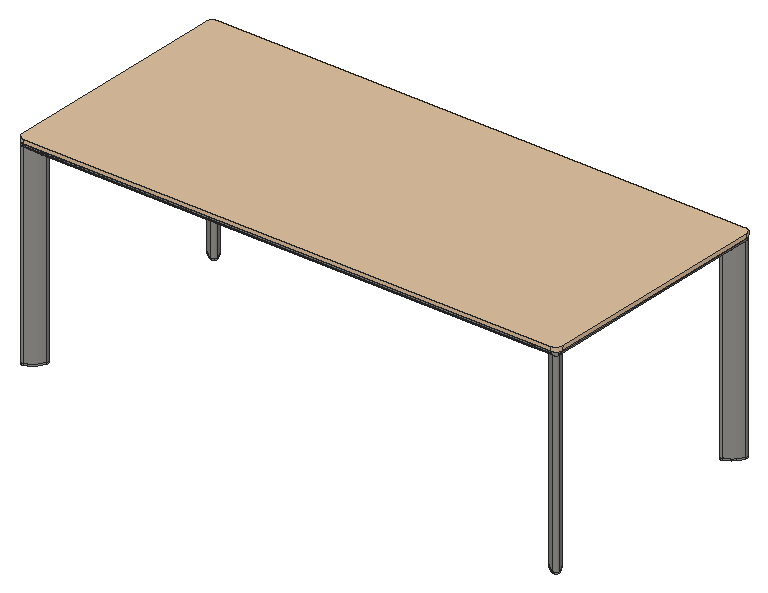
Revit family "FU_Table_Sandler_Laminar 0920", category Furniture, Revit 2020
Family settings
  OmniClass Number = 23.40.20.00
  OmniClass Title = General Furniture and Specialties
  Work Plane-Based = No
  Always vertical = Yes
  Cut with Voids When Loaded = No
  Shared = No
  Room Calculation Point = No
Parameters (values of type "Laminar 0920 (Dining Height)")
  Width = 2000 mm
  URL = "https://www.sandlerseating.com/product/laminar-0920/"
  Top [instance] = Wood - Oak - Natural - V
  Model = "Laminar 0920"
  Manufacturer = "Sandler"
  Height = 750 mm
  Frame [instance] = Epoxy - M2 - Rust Grey
  Description = "200cm x 90cm / 79″ x 36″ table on epoxy painted frame."
  Depth = 900 mm
  Default Elevation = 0 mm
Types (4, lengths in mm): name | Top | Height | Frame
  (no name) | Wood - Oak - Natural - V | 750 | Epoxy - M2 - Rust Grey
  Laminar 0920 (Dining Height) | Wood - Oak - Natural - V | 750 | Epoxy - M2 - Rust Grey
  Laminar 0920 (Counter Height) | Wood - Black Walnut | 900 | Epoxy - M2_V16
  Laminar 0920 (Bar Height) | HPL - Solid - White | 1050 | Epoxy - M1_B00 - Black
Reference planes
  plane 1 "Center (Front/Back)": y = 0
  plane 2: z = 0
  plane 3 "Center (Left/Right)": x = 0
  plane 4 "Right": x = -1000
  plane 5 "Left": x = 1000
  plane 6 "Back": y = 450
  plane 7 "Front": y = -450
  plane 8 "Height": z = 750
  plane 9 "Top Frame Base": z = 737
  plane 10 "Frame Edge Right TOP": x = -905
  plane 11 "Frame Edge Left TOP": x = 905
  plane 12 "Frame Edge Front TOP": y = -355
  plane 13 "Frame Edge Back TOP": y = 355
  plane 14 "Right Leg C TOP": x = -962.984
  plane 15 "Back Leg C TOP": y = 412.984
  plane 16 "Front Leg C TOP": y = -412.984
  plane 17 "Left C TOP": x = 962.984
  plane 18 "Glide Height": z = 6
  plane 19 "Frame Base FRONT": z = 696.108
Forms (mm)
  Extrusion 1, solid, material "Wood - Oak - Natural - V" <- "Top"
    sketch origin (0, 0, 750) x (-1, 0, 0) y (0, -1, 0)
      loop
        arc (975, -450) -> (992.678, -442.678) -> (1000, -425) r 25
        line (1000, -425) -> (1000, 425)
        arc (1000, 425) -> (992.678, 442.678) -> (975, 450) r 25
        line (975, 450) -> (-975, 450)
        arc (-975, 450) -> (-992.678, 442.678) -> (-1000, 425) r 25
        line (-1000, 425) -> (-1000, -425)
        arc (-1000, -425) -> (-992.678, -442.678) -> (-975, -450) r 25
        line (-975, -450) -> (975, -450)
    from 0 to -13
  Sweep 2, solid, material "Epoxy - M2 - Rust Grey" <- "Frame"
    path origin (0, 0, 737) x (-1, 0, 0) y (0, -1, 0)
      loop
        line (-905, 450) -> (905, 450)
    profile "Pro_Laminar_Frame : Pro_Laminar_Frame" origin (0, -450, 737) x (0, -1, 0) y (0, 0, 1)
      loop
        arc (-78.25, 0) -> (-78.959, -0.294) -> (-79.252, -1.003) r 1.003
        line (-79.252, -1.003) -> (-79.252, -40.038)
        arc (-79.252, -40.038) -> (-78.971, -40.718) -> (-78.29, -41) r 0.962
        line (-78.29, -41) -> (-56.47, -41)
        arc (-56.47, -41) -> (-49.536, -40.019) -> (-43.146, -37.154) r 25
        line (-43.146, -37.154) -> (-3.835, -12.393)
        arc (-3.835, -12.393) -> (-2.123, -10.579) -> (-1.5, -8.162) r 5
        line (-1.5, -8.162) -> (-1.5, -0.534)
        arc (-1.5, -0.534) -> (-1.656, -0.156) -> (-2.034, 0) r 0.534
        line (-2.034, 0) -> (-78.25, 0)
  Sweep 3, solid, material "Epoxy - M2 - Rust Grey" <- "Frame"
    path origin (0, 0, 737) x (-1, 0, 0) y (0, -1, 0)
      loop
        line (1000, 355) -> (1000, -355)
    profile "Pro_Laminar_Frame : Pro_Laminar_Frame" origin (-1000, 0, 737) x (-1, 0, 0) y (0, 0, 1)
      loop
        arc (-78.25, 0) -> (-78.959, -0.294) -> (-79.252, -1.003) r 1.003
        line (-79.252, -1.003) -> (-79.252, -40.038)
        arc (-79.252, -40.038) -> (-78.971, -40.718) -> (-78.29, -41) r 0.962
        line (-78.29, -41) -> (-56.47, -41)
        arc (-56.47, -41) -> (-49.536, -40.019) -> (-43.146, -37.154) r 25
        line (-43.146, -37.154) -> (-3.835, -12.393)
        arc (-3.835, -12.393) -> (-2.123, -10.579) -> (-1.5, -8.162) r 5
        line (-1.5, -8.162) -> (-1.5, -0.534)
        arc (-1.5, -0.534) -> (-1.656, -0.156) -> (-2.034, 0) r 0.534
        line (-2.034, 0) -> (-78.25, 0)
  Sweep 4, solid, material "Epoxy - M2 - Rust Grey" <- "Frame"
    path origin (0, 0, 737) x (-1, 0, 0) y (0, -1, 0)
      loop
        line (905, -450) -> (-905, -450)
    profile "Pro_Laminar_Frame : Pro_Laminar_Frame" origin (0, 450, 737) x (0, 1, 0) y (0, 0, 1)
      loop
        arc (-78.25, 0) -> (-78.959, -0.294) -> (-79.252, -1.003) r 1.003
        line (-79.252, -1.003) -> (-79.252, -40.038)
        arc (-79.252, -40.038) -> (-78.971, -40.718) -> (-78.29, -41) r 0.962
        line (-78.29, -41) -> (-56.47, -41)
        arc (-56.47, -41) -> (-49.536, -40.019) -> (-43.146, -37.154) r 25
        line (-43.146, -37.154) -> (-3.835, -12.393)
        arc (-3.835, -12.393) -> (-2.123, -10.579) -> (-1.5, -8.162) r 5
        line (-1.5, -8.162) -> (-1.5, -0.534)
        arc (-1.5, -0.534) -> (-1.656, -0.156) -> (-2.034, 0) r 0.534
        line (-2.034, 0) -> (-78.25, 0)
  Sweep 5, solid, material "Epoxy - M2 - Rust Grey" <- "Frame"
    path origin (0, 0, 737) x (-1, 0, 0) y (0, -1, 0)
      loop
        line (-1000, 355) -> (-1000, -355)
    profile "Pro_Laminar_Frame : Pro_Laminar_Frame" origin (1000, 0, 737) x (-1, 0, 0) y (0, 0, 1)
      loop
        line (78.25, 0) -> (2.034, 0)
        arc (2.034, 0) -> (1.656, -0.156) -> (1.5, -0.534) r 0.534
        line (1.5, -0.534) -> (1.5, -8.162)
        arc (1.5, -8.162) -> (2.123, -10.579) -> (3.835, -12.393) r 5
        line (3.835, -12.393) -> (43.146, -37.154)
        arc (43.146, -37.154) -> (49.536, -40.019) -> (56.47, -41) r 25
        line (56.47, -41) -> (78.29, -41)
        arc (78.29, -41) -> (78.971, -40.718) -> (79.252, -40.038) r 0.962
        line (79.252, -40.038) -> (79.252, -1.003)
        arc (79.252, -1.003) -> (78.959, -0.294) -> (78.25, 0) r 1.003
  Sweep 6, solid, material "Epoxy - M2 - Rust Grey" <- "Frame"
    path origin (0, 412.984, 0) x (1, 0, 0) y (0, 0, 1)
      loop
        line (-962.984, 6) -> (-962.984, 737)
    profile "Pro_Laminar_Leg : Pro_Laminar_Leg" origin (-962.984, 412.984, 371.5) x (-1, 0, 0) y (0, -1, 0)
      loop
        arc (-16.792, 30.86) -> (-28.302, 28.302) -> (-30.86, 16.792) r 10.982
        arc (-30.86, 16.792) -> (-12.33, -12.33) -> (16.792, -30.86) r 79.547
        arc (16.792, -30.86) -> (28.302, -28.302) -> (30.86, -16.792) r 10.982
        arc (30.86, -16.792) -> (12.33, 12.33) -> (-16.792, 30.86) r 79.547
  Sweep 7, solid, material "Epoxy - M2 - Rust Grey" <- "Frame"
    path origin (0, -412.984, 0) x (1, 0, 0) y (0, 0, 1)
      loop
        line (-962.984, 6) -> (-962.984, 737)
    profile "Pro_Laminar_Leg : Pro_Laminar_Leg" origin (-962.984, -412.984, 371.5) x (-1, 0, 0) y (0, -1, 0)
      loop
        arc (-30.86, -16.792) -> (-28.302, -28.302) -> (-16.792, -30.86) r 10.982
        arc (-16.792, -30.86) -> (12.33, -12.33) -> (30.86, 16.792) r 79.547
        arc (30.86, 16.792) -> (28.302, 28.302) -> (16.792, 30.86) r 10.982
        arc (16.792, 30.86) -> (-12.33, 12.33) -> (-30.86, -16.792) r 79.547
  Sweep 8, solid, material "Epoxy - M2 - Rust Grey" <- "Frame"
    path origin (0, -412.984, 0) x (1, 0, 0) y (0, 0, 1)
      loop
        line (962.984, 6) -> (962.984, 737)
    profile "Pro_Laminar_Leg : Pro_Laminar_Leg" origin (962.984, -412.984, 371.5) x (-1, 0, 0) y (0, -1, 0)
      loop
        arc (-16.792, 30.86) -> (-28.302, 28.302) -> (-30.86, 16.792) r 10.982
        arc (-30.86, 16.792) -> (-12.33, -12.33) -> (16.792, -30.86) r 79.547
        arc (16.792, -30.86) -> (28.302, -28.302) -> (30.86, -16.792) r 10.982
        arc (30.86, -16.792) -> (12.33, 12.33) -> (-16.792, 30.86) r 79.547
  Sweep 9, solid, material "Epoxy - M2 - Rust Grey" <- "Frame"
    path origin (0, 412.984, 0) x (1, 0, 0) y (0, 0, 1)
      loop
        line (962.984, 6) -> (962.984, 737)
    profile "Pro_Laminar_Leg : Pro_Laminar_Leg" origin (962.984, 412.984, 371.5) x (-1, 0, 0) y (0, -1, 0)
      loop
        arc (-30.86, -16.792) -> (-28.302, -28.302) -> (-16.792, -30.86) r 10.982
        arc (-16.792, -30.86) -> (12.33, -12.33) -> (30.86, 16.792) r 79.547
        arc (30.86, 16.792) -> (28.302, 28.302) -> (16.792, 30.86) r 10.982
        arc (16.792, 30.86) -> (-12.33, 12.33) -> (-30.86, -16.792) r 79.547
  Sweep 10, solid, material "Rubber, Black"
    path origin (0, 412.984, 0) x (1, 0, 0) y (0, 0, 1)
      loop
        line (962.984, 0) -> (962.984, 6)
    profile "Pro_Laminar_Leg : Pro_Laminar_Leg" origin (962.984, 412.984, 3) x (-1, 0, 0) y (0, -1, 0)
      loop
        arc (-30.86, -16.792) -> (-28.302, -28.302) -> (-16.792, -30.86) r 10.982
        arc (-16.792, -30.86) -> (12.33, -12.33) -> (30.86, 16.792) r 79.547
        arc (30.86, 16.792) -> (28.302, 28.302) -> (16.792, 30.86) r 10.982
        arc (16.792, 30.86) -> (-12.33, 12.33) -> (-30.86, -16.792) r 79.547
  Sweep 11, solid, material "Rubber, Black"
    path origin (0, 412.984, 0) x (1, 0, 0) y (0, 0, 1)
      loop
        line (-962.984, 0) -> (-962.984, 6)
    profile "Pro_Laminar_Leg : Pro_Laminar_Leg" origin (-962.984, 412.984, 3) x (-1, 0, 0) y (0, -1, 0)
      loop
        arc (-16.792, 30.86) -> (-28.302, 28.302) -> (-30.86, 16.792) r 10.982
        arc (-30.86, 16.792) -> (-12.33, -12.33) -> (16.792, -30.86) r 79.547
        arc (16.792, -30.86) -> (28.302, -28.302) -> (30.86, -16.792) r 10.982
        arc (30.86, -16.792) -> (12.33, 12.33) -> (-16.792, 30.86) r 79.547
  Sweep 12, solid, material "Rubber, Black"
    path origin (0, -412.984, 0) x (1, 0, 0) y (0, 0, 1)
      loop
        line (-962.984, 0) -> (-962.984, 6)
    profile "Pro_Laminar_Leg : Pro_Laminar_Leg" origin (-962.984, -412.984, 3) x (-1, 0, 0) y (0, -1, 0)
      loop
        arc (-30.86, -16.792) -> (-28.302, -28.302) -> (-16.792, -30.86) r 10.982
        arc (-16.792, -30.86) -> (12.33, -12.33) -> (30.86, 16.792) r 79.547
        arc (30.86, 16.792) -> (28.302, 28.302) -> (16.792, 30.86) r 10.982
        arc (16.792, 30.86) -> (-12.33, 12.33) -> (-30.86, -16.792) r 79.547
  Sweep 13, solid, material "Rubber, Black"
    path origin (0, -412.984, 0) x (1, 0, 0) y (0, 0, 1)
      loop
        line (962.984, 0) -> (962.984, 6)
    profile "Pro_Laminar_Leg : Pro_Laminar_Leg" origin (962.984, -412.984, 3) x (-1, 0, 0) y (0, -1, 0)
      loop
        arc (-16.792, 30.86) -> (-28.302, 28.302) -> (-30.86, 16.792) r 10.982
        arc (-30.86, 16.792) -> (-12.33, -12.33) -> (16.792, -30.86) r 79.547
        arc (16.792, -30.86) -> (28.302, -28.302) -> (30.86, -16.792) r 10.982
        arc (30.86, -16.792) -> (12.33, 12.33) -> (-16.792, 30.86) r 79.547
  Sweep 14, solid, material "Epoxy - M2 - Rust Grey" <- "Frame"
    path origin (0, 0, 737) x (-1, 0, 0) y (0, -1, 0)
      loop
        line (-905, 448.5) -> (-998.5, 448.5) -> (-998.5, 355)
    profile "Pro_Laminar_Frame : Pro_Laminar_Frame" origin (951.75, -448.5, 737) x (0, 1, 0) y (0, 0, 1)
      loop
        line (76.75, 0) -> (0.534, 0)
        arc (0.534, 0) -> (0.156, -0.156) -> (0, -0.534) r 0.534
        line (0, -0.534) -> (0, -8.162)
        arc (0, -8.162) -> (0.623, -10.579) -> (2.335, -12.393) r 5
        line (2.335, -12.393) -> (41.646, -37.154)
        arc (41.646, -37.154) -> (48.036, -40.019) -> (54.97, -41) r 25
        line (54.97, -41) -> (76.79, -41)
        arc (76.79, -41) -> (77.471, -40.718) -> (77.752, -40.038) r 0.962
        line (77.752, -40.038) -> (77.752, -1.003)
        arc (77.752, -1.003) -> (77.459, -0.294) -> (76.75, 0) r 1.003
  Extrusion 15, void
    sketch origin (0, 0, 737) x (-1, 0, 0) y (0, -1, 0)
      loop
        line (-974.12, 449.12) -> (-974.12, 464.12) -> (-1014.12, 464.12) -> (-1014.12, 424.12) -> (-999.12, 424.12)
        arc (-999.12, 424.12) -> (-991.798, 441.798) -> (-974.12, 449.12) r 25
    from -40.892 to 13
  Sweep 16, solid, material "Epoxy - M2 - Rust Grey" <- "Frame"
    path origin (0, 0, 737) x (1, 0, 0) y (0, -1, 0)
      loop
        line (-905, 448.5) -> (-998.5, 448.5) -> (-998.5, 355)
    profile "Pro_Laminar_Frame : Pro_Laminar_Frame" origin (-951.75, -448.5, 737) x (0, -1, 0) y (0, 0, 1)
      loop
        arc (-76.75, 0) -> (-77.459, -0.294) -> (-77.752, -1.003) r 1.003
        line (-77.752, -1.003) -> (-77.752, -40.038)
        arc (-77.752, -40.038) -> (-77.471, -40.718) -> (-76.79, -41) r 0.962
        line (-76.79, -41) -> (-54.97, -41)
        arc (-54.97, -41) -> (-48.036, -40.019) -> (-41.646, -37.154) r 25
        line (-41.646, -37.154) -> (-2.335, -12.393)
        arc (-2.335, -12.393) -> (-0.623, -10.579) -> (0, -8.162) r 5
        line (0, -8.162) -> (0, -0.534)
        arc (0, -0.534) -> (-0.156, -0.156) -> (-0.534, 0) r 0.534
        line (-0.534, 0) -> (-76.75, 0)
  Sweep 17, solid, material "Epoxy - M2 - Rust Grey" <- "Frame"
    path origin (0, 0, 737) x (1, 0, 0) y (0, 1, 0)
      loop
        line (-905, 448.5) -> (-998.5, 448.5) -> (-998.5, 355)
    profile "Pro_Laminar_Frame : Pro_Laminar_Frame" origin (-951.75, 448.5, 737) x (0, -1, 0) y (0, 0, 1)
      loop
        line (76.75, 0) -> (0.534, 0)
        arc (0.534, 0) -> (0.156, -0.156) -> (0, -0.534) r 0.534
        line (0, -0.534) -> (0, -8.162)
        arc (0, -8.162) -> (0.623, -10.579) -> (2.335, -12.393) r 5
        line (2.335, -12.393) -> (41.646, -37.154)
        arc (41.646, -37.154) -> (48.036, -40.019) -> (54.97, -41) r 25
        line (54.97, -41) -> (76.79, -41)
        arc (76.79, -41) -> (77.471, -40.718) -> (77.752, -40.038) r 0.962
        line (77.752, -40.038) -> (77.752, -1.003)
        arc (77.752, -1.003) -> (77.459, -0.294) -> (76.75, 0) r 1.003
  Sweep 18, solid, material "Epoxy - M2 - Rust Grey" <- "Frame"
    path origin (0, 0, 737) x (-1, 0, 0) y (0, 1, 0)
      loop
        line (-905, 448.5) -> (-998.5, 448.5) -> (-998.5, 355)
    profile "Pro_Laminar_Frame : Pro_Laminar_Frame" origin (951.75, 448.5, 737) x (0, 1, 0) y (0, 0, 1)
      loop
        arc (-76.75, 0) -> (-77.459, -0.294) -> (-77.752, -1.003) r 1.003
        line (-77.752, -1.003) -> (-77.752, -40.038)
        arc (-77.752, -40.038) -> (-77.471, -40.718) -> (-76.79, -41) r 0.962
        line (-76.79, -41) -> (-54.97, -41)
        arc (-54.97, -41) -> (-48.036, -40.019) -> (-41.646, -37.154) r 25
        line (-41.646, -37.154) -> (-2.335, -12.393)
        arc (-2.335, -12.393) -> (-0.623, -10.579) -> (0, -8.162) r 5
        line (0, -8.162) -> (0, -0.534)
        arc (0, -0.534) -> (-0.156, -0.156) -> (-0.534, 0) r 0.534
        line (-0.534, 0) -> (-76.75, 0)
  Extrusion 19, void
    sketch origin (0, 0, 737) x (1, 0, 0) y (0, 1, 0)
      loop
        arc (-974.12, -449.12) -> (-991.798, -441.798) -> (-999.12, -424.12) r 25
        line (-999.12, -424.12) -> (-1014.12, -424.12) -> (-1014.12, -464.12) -> (-974.12, -464.12) -> (-974.12, -449.12)
    from -40.892 to 13
  Extrusion 20, void
    sketch origin (0, 0, 737) x (1, 0, 0) y (0, 1, 0)
      loop
        line (-974.12, 449.12) -> (-974.12, 464.12) -> (-1014.12, 464.12) -> (-1014.12, 424.12) -> (-999.12, 424.12)
        arc (-999.12, 424.12) -> (-991.798, 441.798) -> (-974.12, 449.12) r 25
    from -40.892 to 13
  Extrusion 21, void
    sketch origin (0, 0, 737) x (-1, 0, 0) y (0, -1, 0)
      loop
        arc (-974.12, -449.12) -> (-991.798, -441.798) -> (-999.12, -424.12) r 25
        line (-999.12, -424.12) -> (-1014.12, -424.12) -> (-1014.12, -464.12) -> (-974.12, -464.12) -> (-974.12, -449.12)
    from -40.892 to 13
Cuts and joins
  Extrusion 20 cuts Sweep 17
  Extrusion 21 cuts Sweep 18
  Extrusion 15 cuts Sweep 14
  Extrusion 19 cuts Sweep 16
Dimensions and locks
  equal spacing: plane 4 "Right", plane 3 "Center (Left/Right)", plane 5 "Left"
  "Width": plane 4 "Right" to plane 5 "Left"
  equal spacing: plane 6 "Back", plane 1 "Center (Front/Back)", plane 7 "Front"
  "Depth": plane 6 "Back" to plane 7 "Front"
  "Height": plane 8 "Height" to level
  locked: plane 8 "Height" to plane 9 "Top Frame Base" at 13
  plane 4 "Right" to plane 14 "Right Leg C TOP" to plane 10 "Frame Edge Right TOP" = 37.016 mm locked, 57.984 mm locked
  plane 12 "Frame Edge Front TOP" to plane 16 "Front Leg C TOP" to plane 7 "Front" = 57.984 mm locked, 37.016 mm locked
  plane 6 "Back" to plane 15 "Back Leg C TOP" to plane 13 "Frame Edge Back TOP" = 37.016 mm locked, 57.984 mm locked
  plane 11 "Frame Edge Left TOP" to plane 17 "Left C TOP" to plane 5 "Left" = 57.984 mm locked, 37.016 mm locked
  locked: plane 18 "Glide Height" to plane 2 at 6
  aligned and locked: level to plane 2
  aligned and locked: plane 10 "Frame Edge Right TOP" to Sweep 2 sketch curve
  aligned and locked: plane 11 "Frame Edge Left TOP" to Sweep 2 sketch curve
  aligned and locked: plane 13 "Frame Edge Back TOP" to Sweep 3 sketch curve
  aligned and locked: plane 4 "Right" to Sweep 3 sketch curve
  aligned and locked: plane 10 "Frame Edge Right TOP" to Sweep 4 sketch curve
  aligned and locked: plane 11 "Frame Edge Left TOP" to Sweep 4 sketch curve
  aligned and locked: plane 13 "Frame Edge Back TOP" to Sweep 5 sketch curve
  aligned and locked: plane 12 "Frame Edge Front TOP" to Sweep 5 sketch curve
  aligned and locked: Extrusion 1 sketch curve to plane 4 "Right"
  aligned and locked: Extrusion 1 sketch curve to plane 6 "Back"
  aligned and locked: plane 7 "Front" to Extrusion 1 sketch curve
  aligned and locked: plane 5 "Left" to Extrusion 1 sketch curve
  aligned and locked: plane 9 "Top Frame Base" to Sweep 6 sketch curve
  aligned and locked: plane 18 "Glide Height" to Sweep 6 sketch curve
  aligned and locked: plane 9 "Top Frame Base" to Sweep 7 sketch curve
  aligned and locked: plane 18 "Glide Height" to Sweep 7 sketch curve
  aligned and locked: plane 9 "Top Frame Base" to Sweep 8 sketch curve
  aligned and locked: plane 18 "Glide Height" to Sweep 8 sketch curve
  aligned and locked: plane 9 "Top Frame Base" to Sweep 9 sketch curve
  aligned and locked: plane 18 "Glide Height" to Sweep 9 sketch curve
  aligned and locked: plane 18 "Glide Height" to Sweep 10 sketch curve
  aligned and locked: plane 2 to Sweep 10 sketch curve
  aligned and locked: plane 18 "Glide Height" to Sweep 11 sketch curve
  aligned and locked: plane 2 to Sweep 11 sketch curve
  aligned and locked: plane 2 to Sweep 12 sketch curve
  aligned and locked: plane 18 "Glide Height" to Sweep 12 sketch curve
  aligned and locked: plane 2 to Sweep 13 sketch curve
  aligned and locked: plane 18 "Glide Height" to Sweep 13 sketch curve
  aligned and locked: Extrusion 15 to plane 19 "Frame Base FRONT"
  aligned and locked: plane 8 "Height" to Extrusion 15
  aligned and locked: Sweep 18 to plane 11 "Frame Edge Left TOP"
  aligned and locked: Sweep 18 to plane 13 "Frame Edge Back TOP"
  aligned and locked: Sweep 14 to plane 12 "Frame Edge Front TOP"
  aligned and locked: Sweep 14 to plane 11 "Frame Edge Left TOP"
  aligned and locked: Sweep 16 to plane 10 "Frame Edge Right TOP"
  aligned and locked: Sweep 16 to plane 12 "Frame Edge Front TOP"
  aligned and locked: Sweep 17 to plane 13 "Frame Edge Back TOP"
  aligned and locked: Sweep 17 to plane 10 "Frame Edge Right TOP"
Automatic sketch dimensions
  Extrusion 1 sketch curve to plane 15 "Back Leg C TOP" = 12.016 mm
  Extrusion 1 sketch curve to plane 17 "Left C TOP" = 12.016 mm
  plane 14 "Right Leg C TOP" to Extrusion 1 sketch curve = 12.016 mm  (x2)
  Sweep 2 sketch curve to plane 7 "Front" = 0 mm
  plane 12 "Frame Edge Front TOP" to Sweep 3 sketch curve = 0 mm
  Sweep 4 sketch curve to plane 6 "Back" = 0 mm
  Sweep 5 sketch curve to plane 5 "Left" = 0 mm
  plane 14 "Right Leg C TOP" to Sweep 6 sketch curve = 0 mm
  plane 14 "Right Leg C TOP" to Sweep 7 sketch curve = 0 mm
  plane 17 "Left C TOP" to Sweep 8 sketch curve = 0 mm
  plane 17 "Left C TOP" to Sweep 9 sketch curve = 0 mm
  plane 17 "Left C TOP" to Sweep 10 sketch curve = 0 mm
  plane 14 "Right Leg C TOP" to Sweep 11 sketch curve = 0 mm
  plane 14 "Right Leg C TOP" to Sweep 12 sketch curve = 0 mm
  plane 17 "Left C TOP" to Sweep 13 sketch curve = 0 mm
  plane 12 "Frame Edge Front TOP" to Sweep 14 sketch curve = 0 mm
  Sweep 14 sketch curve to plane 11 "Frame Edge Left TOP" = 0 mm
  plane 5 "Left" to Sweep 14 sketch curve = 1.5 mm
  plane 7 "Front" to Sweep 14 sketch curve = 1.5 mm
  Extrusion 15 sketch curve to plane 5 "Left" = 14.12 mm
  plane 5 "Left" to Extrusion 15 sketch curve = 0.88 mm
  plane 7 "Front" to Extrusion 15 sketch curve = 0.88 mm
  Extrusion 15 sketch curve to plane 17 "Left C TOP" = 11.136 mm
  Extrusion 15 sketch curve to plane 7 "Front" = 14.12 mm
  plane 12 "Frame Edge Front TOP" to Sweep 16 sketch curve = 0 mm
  Sweep 16 sketch curve to plane 10 "Frame Edge Right TOP" = 0 mm
  plane 4 "Right" to Sweep 16 sketch curve = 1.5 mm
  Sweep 16 sketch curve to plane 7 "Front" = 1.5 mm
  Sweep 17 sketch curve to plane 13 "Frame Edge Back TOP" = 0 mm
  Sweep 17 sketch curve to plane 10 "Frame Edge Right TOP" = 0 mm
  Sweep 17 sketch curve to plane 4 "Right" = 1.5 mm
  Sweep 17 sketch curve to plane 6 "Back" = 1.5 mm
  Sweep 18 sketch curve to plane 13 "Frame Edge Back TOP" = 0 mm
  Sweep 18 sketch curve to plane 11 "Frame Edge Left TOP" = 0 mm
  Sweep 18 sketch curve to plane 5 "Left" = 1.5 mm
  plane 6 "Back" to Sweep 18 sketch curve = 1.5 mm
  Extrusion 19 sketch curve to plane 4 "Right" = 14.12 mm
  plane 4 "Right" to Extrusion 19 sketch curve = 0.88 mm
  Extrusion 19 sketch curve to plane 7 "Front" = 0.88 mm
  Extrusion 19 sketch curve to plane 14 "Right Leg C TOP" = 11.136 mm
  plane 7 "Front" to Extrusion 19 sketch curve = 14.12 mm
  plane 4 "Right" to Extrusion 20 sketch curve = 14.12 mm
  Extrusion 20 sketch curve to plane 4 "Right" = 0.88 mm
  Extrusion 20 sketch curve to plane 6 "Back" = 0.88 mm
  plane 14 "Right Leg C TOP" to Extrusion 20 sketch curve = 11.136 mm
  plane 6 "Back" to Extrusion 20 sketch curve = 14.12 mm
  plane 5 "Left" to Extrusion 21 sketch curve = 14.12 mm
  Extrusion 21 sketch curve to plane 5 "Left" = 0.88 mm
  plane 6 "Back" to Extrusion 21 sketch curve = 0.88 mm
  plane 17 "Left C TOP" to Extrusion 21 sketch curve = 11.136 mm
  Extrusion 21 sketch curve to plane 6 "Back" = 14.12 mm
